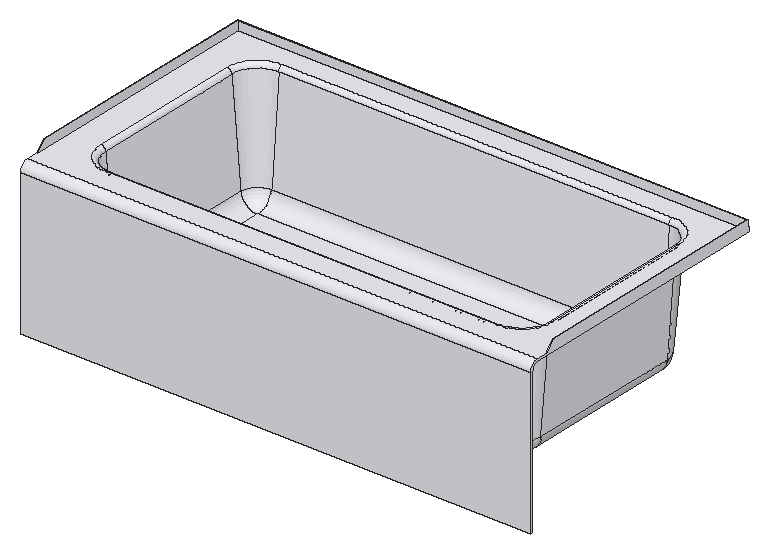
Revit family "Bathtub-American_Standard-Studio-2574_Series", category Plumbing Fixtures, Revit 2018
Family settings
  Round Connector Dimension = Use Diameter
  Part Type = Normal
  OmniClass Number = 23.45.05.14.21
  OmniClass Title = Bathtubs
  Work Plane-Based = Yes
  Always vertical = No
  Cut with Voids When Loaded = No
  Shared = Yes
  Room Calculation Point = No
Parameters (values of type "2574102.011")
  Width = 60"  # constant formula
  Right Overflow Offset = 5"
  Revised Date = "03/25/2021"  # constant formula
  IAPMO Compliance = "CSA B45.5-11 / IAPMO Z124-2011, cUPC"  # constant formula
  Drain Offset = 50 1/4"
  Waste Connection Diameter = 1 3/4"
  Waste Connection = yes
  Warranty Information = "Limited Lifetime Warranty"  # constant formula
  WFU = 4  # constant formula
  Vent Connection = no
  URL = "http://www.americanstandard-us.com"
  Product Page URL = "https://www.americanstandard-us.com/bathroom/bathtubs/studio-60x32-inch-bathtub-above-floor-rough-with-built-in-apron-51088?variant=arctic-white"
  Product Documentation Link = "https://www.americanstandard-us.com/-/media/sites/asus/files/product-specs/fy20-april-launches/bathtubs/specsheet-2574102-2574202.pdf?la=en"
  Price = "Prices may vary. Please consult Manufacturer Representative for most up-to-date price list."  # constant formula
  Left Overflow Offset = 1"
  Model = "2574102.011"
  Material = "High Gloss Acrylic-American Standard-011-Arctic White"
  Manufacturer = "American Standard"  # constant formula
  Length = 32"  # constant formula
  Installation Type = "Surface Mounted"  # constant formula
  Hot Water Connection Diameter = 1/2"
  Height = 18"  # constant formula
  HWFU = 3  # constant formula
  HW Connection = yes
  Finish = High Gloss Acrylic-American Standard-011-Arctic White
  Drain Length = 15 5/8"  # constant formula
  Description = "The Studio Above Floor Rough-In Bathtub from American Standard features a sleek, integral apron for compatibility with any bathroom design. Made of lightweight, high-gloss acrylic with durable fiberglass reinforcement, the spacious Studio Bathtub boasts a comfortable lumbar support and textured, slip-resistant surface for added safety. The Studio above-floor rough-in bathtub is designed with enough space to pipe directly under the bathtub without having to relocate the existing drain."  # constant formula
  Default Elevation = 18"  # constant formula
  Creation Date = "02/27/2019"  # constant formula
  Cold Water Connection Diameter = 1/2"
  CWFU = 3  # constant formula
  CW Connection = yes
  Assembly Code = "D2010510"
  ADA Compliant = yes
Types (5): name | Right Overflow Offset | Drain Offset | Product Page URL | Left Overflow Offset | Model | Material | Finish
  (no name) | 5" | 50 1/4" | "https://www.americanstandard-us.com/bathroom/bathtubs/studio-60x32-inch-bathtub-above-floor-rough-with-built-in-apron-51088?variant=arctic-white" | 1" | "2574102.011" | "High Gloss Acrylic-American Standard-011-Arctic White" | High Gloss Acrylic-American Standard-011-Arctic White
  2574102.020 | 5" | 50 1/4" | "https://www.americanstandard-us.com/bathroom/bathtubs/studio-60x32-inch-bathtub-above-floor-rough-with-built-in-apron-51088?variant=white" | 1" | "2574102.020" | "High Gloss Acrylic-American Standard-020-White" | High Gloss Acrylic-American Standard-020-White
  2574102.011 | 5" | 50 1/4" | "https://www.americanstandard-us.com/bathroom/bathtubs/studio-60x32-inch-bathtub-above-floor-rough-with-built-in-apron-51088?variant=arctic-white" | 1" | "2574102.011" | "High Gloss Acrylic-American Standard-011-Arctic White" | High Gloss Acrylic-American Standard-011-Arctic White
  2574202.020 | 1" | 9 3/4" | "https://www.americanstandard-us.com/bathroom/bathtubs/studio-60x32-inch-bathtub-above-floor-rough-with-built-in-apron-51088?variant=white" | 5" | "2574202.020" | "High Gloss Acrylic-American Standard-020-White" | High Gloss Acrylic-American Standard-020-White
  2574202.011 | 1" | 9 3/4" | "https://www.americanstandard-us.com/bathroom/bathtubs/studio-60x32-inch-bathtub-above-floor-rough-with-built-in-apron-51088?variant=arctic-white" | 5" | "2574202.011" | "High Gloss Acrylic-American Standard-011-Arctic White" | High Gloss Acrylic-American Standard-011-Arctic White
Reference planes (in)
  plane 1 "Center (Front/Back)": y = 0
  plane 2: z = 0
  plane 3 "Center (Left/Right)": x = 8.25
  plane 4: z = 18
  plane 5: x = 68.25
  plane 6: y = -32
  plane 7: x = 58.5
  plane 8: x = 11.7997
  plane 9: x = 65.19079
  plane 10: y = -15.625
  plane 11: y = -2.48385
  plane 12: y = -28.51615
  plane 13: z = 19
  plane 14: z = 3
  plane 15: z = 3
  plane 16: y = -29.51615
  plane 17: x = 8.375
  plane 18: y = -0.125
  plane 19: x = 68.125
  plane 20: z = 15
  plane 21: x = 38.25
  plane 22: x = 9.25
  plane 23: x = 63.25
Forms (in)
  Sweep 1, solid, material "High Gloss Acrylic-American Standard-011-Arctic White" <- "Finish"
    path origin (0, 0, 0) x (1, 0, 0) y (0, 1, 0)
      loop
        arc (15.5497, -2.48385) -> (12.89805, -3.5822) -> (11.7997, -6.23385) r 3.75
        line (11.7997, -6.23385) -> (11.7997, -24.76615)
        arc (11.7997, -24.76615) -> (12.89805, -27.4178) -> (15.5497, -28.51615) r 3.75
        line (15.5497, -28.51615) -> (61.44079, -28.51615)
        arc (61.44079, -28.51615) -> (64.09244, -27.4178) -> (65.19079, -24.76615) r 3.75
        line (65.19079, -24.76615) -> (65.19079, -6.23385)
        arc (65.19079, -6.23385) -> (64.09244, -3.5822) -> (61.44079, -2.48385) r 3.75
        line (61.44079, -2.48385) -> (15.5497, -2.48385)
    profile origin (38.49525, -2.48385, 0) x (0, 1, 0) y (0, 0, 1)
      loop
        line (0, 18) -> (-0.10361, 18)
        arc (-0.10361, 18) -> (-0.48901, 17.85013) -> (-0.6719, 17.47926) r 0.57046
        line (-0.6719, 17.47926) -> (-1.71477, 5.55923)
        arc (-1.71477, 5.55923) -> (-2.32824, 4.31522) -> (-3.62099, 3.8125) r 1.9135
        line (-3.62099, 3.8125) -> (-3.7255, 3.8125) -> (-3.7255, 3.5625) -> (-3.54615, 3.5625)
        arc (-3.54615, 3.5625) -> (-2.13969, 4.10945) -> (-1.47224, 5.46289) r 2.08184
        line (-1.47224, 5.46289) -> (-0.42354, 17.44954)
        arc (-0.42354, 17.44954) -> (-0.31802, 17.66353) -> (-0.09565, 17.75) r 0.32915
        line (-0.09565, 17.75) -> (0, 17.75) -> (0, 18)
  Extrusion 2, solid, material "High Gloss Acrylic-American Standard-011-Arctic White" <- "Finish"
    sketch origin (0, 0, 0) x (1, 0, 0) y (0, 1, 0)
      loop
        arc (15.5497, -6.20935) -> (15.53238, -6.21652) -> (15.5252, -6.23385) r 0.0245
        line (15.5252, -6.23385) -> (15.5252, -24.76615)
        arc (15.5252, -24.76615) -> (15.53238, -24.78348) -> (15.5497, -24.79065) r 0.0245
        line (15.5497, -24.79065) -> (61.44079, -24.79065)
        arc (61.44079, -24.79065) -> (61.45811, -24.78348) -> (61.46529, -24.76615) r 0.0245
        line (61.46529, -24.76615) -> (61.46529, -6.23385)
        arc (61.46529, -6.23385) -> (61.45811, -6.21652) -> (61.44079, -6.20935) r 0.0245
        line (61.44079, -6.20935) -> (15.5497, -6.20935)
      loop
        circle (58.5, -15.625) r 0.875
    from 3.5625 to 3.8125
  Extrusion 3, solid, material "High Gloss Acrylic-American Standard-011-Arctic White" <- "Finish"
    sketch origin (0, 0, 0) x (1, 0, 0) y (0, 1, 0)
      loop
        line (8.25, 0) -> (8.25, -29.51615) -> (68.25, -29.51615) -> (68.25, 0) -> (8.25, 0)
      loop
        line (61.44079, -2.48385) -> (15.5497, -2.48385)
        arc (15.5497, -2.48385) -> (12.89805, -3.5822) -> (11.7997, -6.23385) r 3.75
        line (11.7997, -6.23385) -> (11.7997, -24.76615)
        arc (11.7997, -24.76615) -> (12.89805, -27.4178) -> (15.5497, -28.51615) r 3.75
        line (15.5497, -28.51615) -> (61.44079, -28.51615)
        arc (61.44079, -28.51615) -> (64.09244, -27.4178) -> (65.19079, -24.76615) r 3.75
        line (65.19079, -24.76615) -> (65.19079, -6.23385)
        arc (65.19079, -6.23385) -> (64.09244, -3.5822) -> (61.44079, -2.48385) r 3.75
    from 17.75 to 18
  Extrusion 4, solid, material "High Gloss Acrylic-American Standard-011-Arctic White" <- "Finish"
    sketch origin (8.25, 0, 0) x (0, 1, 0) y (0, 0, 1)
      loop
        line (-32, 0) -> (-31.75, 0) -> (-31.75, 16.887)
        arc (-31.75, 16.887) -> (-31.49723, 17.49723) -> (-30.887, 17.75) r 0.863
        line (-30.887, 17.75) -> (-29.51615, 17.75) -> (-29.51615, 18) -> (-30.95287, 18)
        arc (-30.95287, 18) -> (-31.6933, 17.6933) -> (-32, 16.95287) r 1.04713
        line (-32, 16.95287) -> (-32, 0)
    from 0 to 60
  Extrusion 5, solid, material "High Gloss Acrylic-American Standard-011-Arctic White" <- "Finish"
    sketch origin (0, 0, 0) x (1, 0, 0) y (0, 1, 0)
      loop
        line (8.25, -29.51615) -> (8.375, -29.51615) -> (8.375, -0.125) -> (68.125, -0.125) -> (68.125, -29.51615) -> (68.25, -29.51615) -> (68.25, 0) -> (8.25, 0) -> (8.25, -29.51615)
    from 18 to 19
  Extrusion 6, void
    sketch origin (8.25, 0, 0) x (0, 1, 0) y (0, 0, 1)
      loop
        line (-29.51615, 18) -> (-28.51615, 19) -> (-29.51615, 19) -> (-29.51615, 18)
    from 0 to 60
  Extrusion 7, void
    sketch origin (8.25, 0, 0) x (0, 1, 0) y (0, 0, 1)
      loop
        circle (-15.625, 15) r 0.75
    from 1 to 0
  Extrusion 8, void
    sketch origin (68.25, 0, 0) x (0, 1, 0) y (0, 0, -1)
      loop
        circle (-15.625, -15) r 0.75
    from 5 to 0
  Extrusion 9, solid, not visible
    sketch origin (0, 0, 0) x (1, 0, 0) y (0, 1, 0)
      loop
        circle (58.5, -15.625) r 0.875
    from 3.5625 to 3.625
Cuts and joins
  Extrusion 7, Extrusion 8 cuts Sweep 1
  Extrusion 8 cuts Extrusion 2
  Extrusion 8 cuts Extrusion 3
  Extrusion 8 cuts Extrusion 4
  Extrusion 6, Extrusion 8 cuts Extrusion 5
  joined: Sweep 1, Extrusion 2, Extrusion 3, Extrusion 4, Extrusion 5
Lines and regions (in)
  Masking region 1
    outline origin (0, 0, 0) x (1, 0, 0) y (0, 1, 0)
      loop
        line (8.25, -32) -> (68.25, -32) -> (68.25, 0) -> (8.25, 0) -> (8.25, -32)
  symbolic lines, detail levels medium+fine
    curve 1: line (15.85165, -3.03192, 0) -> (60.93748, -3.03192, 0)
    curve 2: line (15.85165, -27.76615, 0) -> (60.93748, -27.76615, 0)
    curve 3: line (12.35165, -24.26615, 0) -> (12.35165, -6.53192, 0)
    curve 4: line (64.43748, -6.53192, 0) -> (64.43748, -24.26615, 0)
    curve 5: arc (12.35165, -6.53192, 0) -> (13.37677, -4.05705, 0) -> (15.85165, -3.03192, 0) r 3.5
    curve 6: arc (12.35165, -24.26615, 0) -> (13.37677, -26.74103, 0) -> (15.85165, -27.76615, 0) r 3.5
    curve 7: arc (60.93748, -27.76615, 0) -> (63.41235, -26.74103, 0) -> (64.43748, -24.26615, 0) r 3.5
    curve 8: arc (64.43748, -6.53192, 0) -> (63.41235, -4.05705, 0) -> (60.93748, -3.03192, 0) r 3.5
  symbolic lines, detail levels fine
    curve 9: circle (58.5, -15.625, 0) r 0.875 normal (0, 0, 1)
    curve 10: line (8.375, -29.51615, 0) -> (8.375, -0.125, 0)
    curve 11: line (8.375, -0.125, 0) -> (68.125, -0.125, 0)
    curve 12: line (68.125, -0.125, 0) -> (68.125, -29.51615, 0)
    curve 13: line (68.125, -29.51615, 0) -> (68.25, -29.51615, 0)
    curve 14: line (68.125, -28.51615, 0) -> (68.25, -28.51615, 0)
    curve 15: line (8.25, -29.51615, 0) -> (8.375, -29.51615, 0)
    curve 16: line (8.25, -28.51615, 0) -> (8.375, -28.51615, 0)
Dimensions and locks (in)
  "Width": plane 3 "Center (Left/Right)" to plane 5
  "Length": plane 1 "Center (Front/Back)" to plane 6
  "Height": plane 4 to level
  "Drain Offset": plane 3 "Center (Left/Right)" to plane 7
  locked: plane 3 "Center (Left/Right)" to plane 8 at 3.5497
  locked: plane 9 to plane 5 at 3.05921
  "Drain Length": plane 1 "Center (Front/Back)" to plane 10
  locked: plane 11 to plane 1 "Center (Front/Back)" at 2.48385
  locked: plane 6 to plane 12 at 3.48385
  locked: plane 13 to plane 4 at 1
  locked: plane 14 to level at 3
  locked: plane 15 to level at 3
  locked: plane 16 to plane 12 at 1
  locked: Extrusion 4 sketch curve to plane 6 at 0.25
  locked: plane 4 to Extrusion 4 sketch curve at 0.25
  locked: plane 3 "Center (Left/Right)" to plane 17 at 0.125
  locked: plane 19 to plane 5 at 0.125
  locked: plane 18 to plane 1 "Center (Front/Back)" at 0.125
  locked: plane 20 to plane 4 at 3
  equal spacing: plane 3 "Center (Left/Right)", plane 21, plane 5
  "Left Overflow Offset": plane 3 "Center (Left/Right)" to plane 22
  "Right Overflow Offset": plane 23 to plane 5
  locked: curve 4 to plane 9 at 0.75331
  locked: plane 8 to curve 3 at 0.55194
  locked: plane 11 to curve 1 at 0.54808
  locked: plane 12 to curve 2 at 0.75
  plane 4 to level = 18"
  radius of Sweep 1 sketch curve = 3 3/4"  (x4)
  "Waste Connection Diameter": diameter of Extrusion 2 sketch curve
  radius of Extrusion 4 sketch curve = 1.04713"
  radius of Extrusion 4 sketch curve = 0.863"
  diameter of Extrusion 7 sketch curve = 1 1/2"
  diameter of Extrusion 8 sketch curve = 1 1/2"
  radius of curve 5 = 3 1/2"
  radius of curve 6 = 3 1/2"
  radius of curve 7 = 3 1/2"
  radius of curve 8 = 3 1/2"
  aligned and locked: Sweep 1 sketch curve to plane 11
  aligned and locked: Sweep 1 sketch curve to plane 8
  aligned and locked: Sweep 1 sketch curve to plane 12
  aligned and locked: plane 9 to Sweep 1 sketch curve
  aligned and locked: Extrusion 2 sketch curve to Sweep 1  (x4)
  aligned and locked: plane 7 to Extrusion 2 sketch curve
  aligned and locked: plane 10 to Extrusion 2 sketch curve
  aligned and locked: Sweep 1 to Extrusion 2  (x2)
  aligned and locked: plane 1 "Center (Front/Back)" to Extrusion 3 sketch curve
  aligned and locked: plane 3 "Center (Left/Right)" to Extrusion 3 sketch curve
  aligned and locked: Extrusion 3 sketch curve to plane 16
  aligned and locked: Extrusion 3 sketch curve to plane 5
  aligned and locked: Extrusion 3 sketch curve to Sweep 1  (x4)
  aligned and locked: Extrusion 3 to Sweep 1  (x2)
  aligned and locked: Extrusion 4 sketch curve to plane 16
  aligned and locked: plane 4 to Extrusion 4 sketch curve
  aligned and locked: Extrusion 4 sketch curve to plane 6
  aligned and locked: Extrusion 4 sketch curve to level
  aligned and locked: plane 3 "Center (Left/Right)" to Extrusion 5 sketch curve
  aligned and locked: Extrusion 5 sketch curve to plane 17
  aligned and locked: plane 1 "Center (Front/Back)" to Extrusion 5 sketch curve
  aligned and locked: Extrusion 5 sketch curve to plane 18
  aligned and locked: Extrusion 5 sketch curve to plane 5
  aligned and locked: Extrusion 5 sketch curve to plane 19
  aligned and locked: plane 13 to Extrusion 5
  aligned and locked: Extrusion 5 to plane 4
  aligned and locked: Extrusion 5 sketch curve to plane 16  (x2)
  aligned and locked: Extrusion 6 sketch curve to plane 16
  aligned and locked: plane 12 to Extrusion 6 sketch curve
  aligned and locked: plane 4 to Extrusion 6 sketch curve
  aligned and locked: plane 16 to Extrusion 6 sketch curve
  aligned and locked: plane 13 to Extrusion 6 sketch curve
  aligned and locked: Extrusion 6 to plane 3 "Center (Left/Right)"
  aligned and locked: plane 5 to Extrusion 6
  aligned and locked: Extrusion 4 to plane 3 "Center (Left/Right)"
  aligned and locked: plane 5 to Extrusion 4
  aligned and locked: plane 10 to Extrusion 7 sketch curve
  aligned and locked: plane 20 to Extrusion 7 sketch curve
  aligned and locked: plane 22 to Extrusion 7
  aligned and locked: Extrusion 7 to plane 3 "Center (Left/Right)"
  aligned and locked: plane 23 to Extrusion 8
  aligned and locked: plane 5 to Extrusion 8
  aligned and locked: plane 20 to Extrusion 8 sketch curve
  aligned and locked: plane 10 to Extrusion 8 sketch curve
  aligned and locked: Masking region 1 sketch curve to cut or joined group of Sweep 1, Extrusion 2, Extrusion 3, Extrusion 4, Extrusion 5, Extrusion 6, Extrusion 7, Extrusion 8  (x4)
  aligned and locked: curve 9 to cut or joined group of Sweep 1, Extrusion 2, Extrusion 3, Extrusion 4, Extrusion 5, Extrusion 6, Extrusion 7, Extrusion 8
  aligned and locked: curve 10 to cut or joined group of Sweep 1, Extrusion 2, Extrusion 3, Extrusion 4, Extrusion 5, Extrusion 6, Extrusion 7, Extrusion 8
  aligned and locked: curve 11 to cut or joined group of Sweep 1, Extrusion 2, Extrusion 3, Extrusion 4, Extrusion 5, Extrusion 6, Extrusion 7, Extrusion 8
  aligned and locked: curve 12 to cut or joined group of Sweep 1, Extrusion 2, Extrusion 3, Extrusion 4, Extrusion 5, Extrusion 6, Extrusion 7, Extrusion 8
  aligned and locked: curve 13 to cut or joined group of Sweep 1, Extrusion 2, Extrusion 3, Extrusion 4, Extrusion 5, Extrusion 6, Extrusion 7, Extrusion 8
  aligned and locked: curve 14 to cut or joined group of Sweep 1, Extrusion 2, Extrusion 3, Extrusion 4, Extrusion 5, Extrusion 6, Extrusion 7, Extrusion 8
  aligned and locked: curve 15 to cut or joined group of Sweep 1, Extrusion 2, Extrusion 3, Extrusion 4, Extrusion 5, Extrusion 6, Extrusion 7, Extrusion 8
  aligned and locked: curve 16 to cut or joined group of Sweep 1, Extrusion 2, Extrusion 3, Extrusion 4, Extrusion 5, Extrusion 6, Extrusion 7, Extrusion 8
  aligned and locked: cut or joined group of Sweep 1, Extrusion 2, Extrusion 3, Extrusion 4, Extrusion 5, Extrusion 6, Extrusion 7, Extrusion 8 to curve 15
  aligned and locked: plane 3 "Center (Left/Right)" to curve 16
  aligned and locked: cut or joined group of Sweep 1, Extrusion 2, Extrusion 3, Extrusion 4, Extrusion 5, Extrusion 6, Extrusion 7, Extrusion 8 to curve 16
  aligned and locked: plane 5 to curve 13
  aligned and locked: plane 5 to curve 14
  aligned and locked: plane 19 to curve 14
  aligned and locked: cut or joined group of Sweep 1, Extrusion 2, Extrusion 3, Extrusion 4, Extrusion 5, Extrusion 6, Extrusion 7, Extrusion 8 to Extrusion 9
  aligned and locked: Extrusion 9 sketch curve to cut or joined group of Sweep 1, Extrusion 2, Extrusion 3, Extrusion 4, Extrusion 5, Extrusion 6, Extrusion 7, Extrusion 8
Automatic sketch dimensions
  Sweep 1 sketch curve to profile plane = 0"
  profile plane to Sweep 1 sketch curve = 0.09565"
  Sweep 1 sketch curve to Sweep 1 sketch curve = 0.00796"
  Sweep 1 sketch curve to Sweep 1 sketch curve = 0.31994"
  Sweep 1 sketch curve to Sweep 1 sketch curve = 0.24836"
  profile plane to Sweep 1 sketch curve = 1.47224"
  Sweep 1 sketch curve to Sweep 1 sketch curve = 0.24253"
  plane 14 to Sweep 1 sketch curve = 9/16"
  Sweep 1 sketch curve to Sweep 1 sketch curve = 1.83139"
  Sweep 1 sketch curve to Sweep 1 sketch curve = 0.07483"
  Sweep 1 sketch curve to Sweep 1 sketch curve = 0.10452"
  Sweep 1 sketch curve to Sweep 1 sketch curve = 1/4"
  plane 14 to Sweep 1 sketch curve = 2.46289"
  Sweep 1 sketch curve to Sweep 1 sketch curve = 0.09634"
  Sweep 1 sketch curve to Sweep 1 sketch curve = 11.86162"
  Sweep 1 sketch curve to Sweep 1 sketch curve = 0.00869"
  Sweep 1 sketch curve to Sweep 1 sketch curve = 0.02"
  Sweep 1 sketch curve to Sweep 1 sketch curve = 0.02972"
Connectors (in)
  piping at (58.5, -15.625, 3.625), diameter 1.75, driven by "WFU", driven by "Waste Connection Diameter"
    settings: on Extrusion 9, index 1, connector inside diameter 24", connector length 0", flow factor 0, pipe flow 0 GPM, pressure drop 0.00 psi, fitting loss kfactor 0, connector angle 0.00°, fixture units 4, engagement length 0", angle of deflection 0.00°, flow configuration 3, flow direction 2, fitting loss method 0, system type 16, joint type 0, gender type 0, connector reference index -1, connector utility 0, adjustable connector no, is connector primary yes, connector description "1-3/4\" Waste Outlet Connection"
